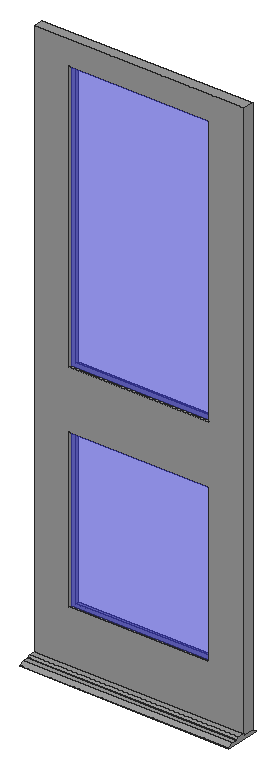
Revit family "WSD-500 DOOR-1-SF_v04", category Curtain Panels, Revit 2015
Parameters
  Width [instance] = 3' - 2"
  URL = "obe.com\r\nobe.com"
  Rough Width [instance] = 3' - 0"
  Offset [instance] = 0' - 0"
  Model = "WSD-500 DOOR"
  Min-Max Rough Width [instance] = if(and((Rough Width > 2' 11 255/256"), (Rough Width < 3' 6 1/256")), Rough Width, 3' 0")  # 3' - 0"
  Manufacturer = "Oldcastle BuildingEnvelope®"
  Keynote = "08 11 00"
  Hinge [instance] = yes
  Height [instance] = 8' - 0"
  Pushbar Height [instance] = 3' - 5 1/4"  # constant formula
  Glass Material = Glass
  Frame Material = Aluminum
  Door Panel Height [instance] = Height + 0' 0 1/2"  # 8' - 0 1/2"
  Description = "WSD-500 - 1\" Door Infill"
  Assembly Code = "B2030\r\n"
  Analytic Construction = "<None>"
  8 Muntin [instance] = not([6.5 Muntin])  # yes
  6.5 Muntin [instance] = no
Reference planes (in)
  plane 1 "Front": y = 0
  plane 2: z = 0
  plane 3 "Center (Left/Right)": x = 0
  plane 4 "Left": x = -19
  plane 5 "Right": x = 19
  plane 6 "Top": z = 96
  plane 7: x = 18
  plane 8: x = -18
Text (in)
  text "Exterior" at (-54.29358, 31.38743, 0), in view "Ref. Level"
  text "Exterior" at (480, 41.53993, 89.60405), in view "Right"
  text "Exterior" at (-240, 57.82419, 105.78864), in view "Left"
Dimensions and locks (in)
  equal spacing: plane 4 "Left", plane 3 "Center (Left/Right)", plane 5 "Right"
  "Width": plane 4 "Left" to plane 5 "Right"
  "Height": plane 6 "Top" to plane 2
  equal spacing: plane 8, plane 3 "Center (Left/Right)", plane 7
  "Min-Max Rough Width": plane 8 to plane 7
  aligned and locked: level to plane 2
  aligned and locked: plane 3 "Center (Left/Right)" to nested 1
  aligned and locked: plane 1 "Front" to nested 1
Nested families (in)
  nested 1: "WSD-500 DOOR-1-Panel_v03" at (0, -18.5, 0), Frame Material <- "Frame Material", Glass Material <- "Glass Material", 8 Muntin <- "8 Muntin", Hinge <- "Hinge", 6.5 Muntin <- "6.5 Muntin", Width <- "Min-Max Rough Width", Height <- "Door Panel Height", Offset <- "Offset", type "WSD-500 DOOR-1-Panel"
    with built-in parameter 1001301 3' - 0", Pushbar Height 3' - 5 1/4", Offset 0' - 0", Hinge yes, built-in parameter 1001300 8' - 0 1/2", Glass at Muntin 0' - 8 7/16", Glass Material Glass, Frame Material Aluminum, 8 Muntin yes, 6.5 Muntin no
Definition of nested family "WSD-500 DOOR-1-Panel_v03"
  Parameters (values of type "WSD-500 DOOR-1-Panel")
    Width [instance] = 3' - 0"
    Pushbar Height [instance] = 3' - 5 1/4"  # constant formula
    Offset [instance] = 0' - 1"
    Hinge [instance] = yes
    Height [instance] = 8' - 0"
    Glass at Muntin [instance] = if([6.5 Muntin], 0' 6 15/16", 0' 8 7/16")  # 0' - 6 15/16"
    Glass Material [instance] = none
    Frame Material [instance] = none
    Analytic Construction = "<None>"
    8 Muntin [instance] = not([6.5 Muntin])  # no
    6.5 Muntin [instance] = yes
  Reference planes (in)
    plane 1 "00": y = 16.54297
    plane 2: z = 0
    plane 3 "Center (Left/Right)": x = 0
    plane 4: z = 96
    plane 5: x = -18
    plane 6: x = 18
    plane 7 "Center (Front/Back)": y = 18.5
    plane 8 "Exterior": y = 16.82422
    plane 9: z = 48
    plane 10: z = 92.96875
    plane 11: z = 92.281
    plane 12: z = 8.90625
    plane 13: z = 37.78125
    plane 14: z = 44.71875
    plane 15: x = -12.781
    plane 16: x = 12.52845
    plane 17 "Offset": y = 17.5
    plane 18: z = 41.25
  Forms (in)
    Sweep 1, solid, material <- "Frame Material"
      path origin (0, 16.54297, 0) x (1, 0, 0) y (0, 0, 1)
        loop
          line (-17.891, 96) -> (17.63845, 96)
      profile origin (-0.12627, 16.54297, 96) x (0, 0, 1) y (0, -1, 0)
        loop
          line (-4.50328, -0.957) -> (-0.50328, -0.957) -> (-0.50328, 0.793) -> (-4.50328, 0.793) -> (-4.50328, 0.5) -> (-3.719, 0.5) -> (-3.719, -0.5) -> (-4.50328, -0.5) -> (-4.50328, -0.957)
    Sweep 2, solid, material <- "Frame Material"
      path origin (0, 16.54297, 0) x (1, 0, 0) y (0, 0, 1)
        loop
          line (17.63845, 0) -> (-17.891, 0)
      profile origin (-0.12627, 16.54297, 0) x (0, 0, -1) y (0, -1, 0)
        loop
          line (-9.6875, -0.957) -> (-0.6875, -0.957) -> (-0.6875, 0.793) -> (-9.6875, 0.793) -> (-9.6875, 0.5) -> (-8.9065, 0.5) -> (-8.9065, -0.5) -> (-9.6875, -0.5) -> (-9.6875, -0.957)
        loop
          line (-0.125, -1.707) -> (0, -1.707) -> (0, 3.918) -> (-0.125, 3.918) -> (-0.5, 3.168) -> (-0.5, 2.3005) -> (-0.562, 2.3005) -> (-0.844, 1.8115) -> (-0.844, 0.8165) -> (-0.5, 0.8165) -> (-0.5, -0.957) -> (-0.125, -1.707)
    Sweep 3, solid, material <- "Frame Material"
      path origin (0, 16.54297, 0) x (1, 0, 0) y (0, 0, 1)
        loop
          line (18, 95.49672) -> (18, 0.6875)
      profile origin (18, 16.54297, 48.09211) x (0, -1, 0) y (1, 0, 0)
        loop
          line (-0.957, -6.25255) -> (-0.5, -6.25255) -> (-0.5, -5.47155) -> (0.5, -5.47155) -> (0.5, -6.25255) -> (0.793, -6.25255) -> (0.793, -0.36155) -> (-0.957, -0.25255) -> (-0.957, -6.25255)
    Sweep 4, solid, material <- "Frame Material"
      path origin (0, 16.54297, 0) x (1, 0, 0) y (0, 0, 1)
        loop
          line (-18, 95.49672) -> (-18, 0.6875)
      profile origin (-18, 16.54297, 48.09211) x (0, -1, 0) y (1, 0, 0)
        loop
          line (-0.957, 0) -> (0.793, 0.109) -> (0.793, 6) -> (0.5, 6) -> (0.5, 5.219) -> (-0.5, 5.219) -> (-0.5, 6) -> (-0.957, 6) -> (-0.957, 0)
    Sweep 5, solid, material <- "Frame Material"
      path origin (0, 16.54297, 0) x (1, 0, 0) y (0, 0, 1)
        loop
          line (17.63845, 48) -> (-17.891, 48)
      profile origin (-0.12627, 16.54297, 48) x (0, 0, -1) y (0, -1, 0)
        loop
          line (11.00025, -0.957) -> (11.00025, -0.5) -> (10.21875, -0.5) -> (10.21875, 0.5) -> (11.00025, 0.5) -> (11.00025, 0.793) -> (2.50025, 0.793) -> (2.50025, 0.5) -> (3.28125, 0.5) -> (3.28125, -0.50555) -> (2.50025, -0.50555) -> (2.50025, -0.957) -> (11.00025, -0.957)
    Extrusion 6, solid, material <- "Glass Material", detail levels coarse
      sketch origin (0, 0, 0) x (1, 0, 0) y (0, 1, 0)
        loop
          line (-12.781, 17.04297) -> (-12.781, 16.04297) -> (12.52845, 16.04297) -> (12.52845, 17.04297) -> (-12.781, 17.04297)
      from 44.71875 to 92.281
    Extrusion 7, solid, material <- "Glass Material", detail levels medium+fine
      sketch origin (0, 0, 0) x (1, 0, 0) y (0, 1, 0)
        loop
          line (12.52845, 17.04297) -> (-12.781, 17.04297) -> (-12.781, 16.84297) -> (12.52845, 16.84297) -> (12.52845, 17.04297)
        loop
          line (-12.781, 16.47297) -> (-12.781, 16.27297) -> (12.52845, 16.27297) -> (12.52845, 16.47297) -> (-12.781, 16.47297)
        loop
          line (12.52845, 16.24297) -> (-12.781, 16.24297) -> (-12.781, 16.04297) -> (12.52845, 16.04297) -> (12.52845, 16.24297)
      from 44.71875 to 92.281
    Extrusion 8, solid, material <- "Glass Material", detail levels coarse
      sketch origin (0, 0, 0) x (1, 0, 0) y (0, 1, 0)
        loop
          line (-12.781, 17.04297) -> (-12.781, 16.04297) -> (12.52845, 16.04297) -> (12.52845, 17.04297) -> (-12.781, 17.04297)
      from 8.90625 to 37.78125
    Extrusion 9, solid, material <- "Glass Material", detail levels medium+fine
      sketch origin (0, 0, 0) x (1, 0, 0) y (0, 1, 0)
        loop
          line (12.52845, 17.04297) -> (-12.781, 17.04297) -> (-12.781, 16.84297) -> (12.52845, 16.84297) -> (12.52845, 17.04297)
        loop
          line (-12.781, 16.47297) -> (-12.781, 16.27297) -> (12.52845, 16.27297) -> (12.52845, 16.47297) -> (-12.781, 16.47297)
        loop
          line (12.52845, 16.24297) -> (-12.781, 16.24297) -> (-12.781, 16.04297) -> (12.52845, 16.04297) -> (12.52845, 16.24297)
      from 8.90625 to 37.78125
  Cuts and joins
    joined: Sweep 1, Sweep 2, Sweep 3, Sweep 4, Sweep 5
  Lines and regions (in)
    model lines
      curve 1: line (12.11845, 16.82422, 91.871) -> (-12.371, 16.82422, 48)
      curve 2: line (-12.371, 16.82422, 48) -> (12.11845, 16.82422, 9.4375)
  Dimensions and locks (in)
    equal spacing: level, plane 9, plane 4
    locked: Sweep 3 sketch curve to plane 4 at 0.50328
    locked: Sweep 4 sketch curve to plane 4 at 0.50328
    locked: plane 4 to plane 10 at 3.03125
    "Glass at Muntin": plane 13 to plane 14
    locked: plane 11 to plane 4 at 3.719
    plane 12 to plane 2 = 0' - 8 29/32"
    "Height": plane 4 to plane 2
    locked: plane 5 to plane 15 at 5.219
    locked: plane 16 to plane 6 at 5.47155
    locked: plane 6 to Sweep 2 sketch curve at 0.36155
    equal spacing: plane 5, plane 3 "Center (Left/Right)", plane 6
    "Width": plane 5 to plane 6
    locked: plane 6 to Sweep 5 sketch curve at 0.36155
    locked: plane 6 to Sweep 1 sketch curve at 0.36155
    locked: plane 14 to Sweep 5 sketch curve at 0.781  (x2)
    locked: Sweep 5 sketch curve to plane 13 at 0.7815
    locked: plane 13 to Sweep 5 sketch curve at 0.7815
    plane 1 "00" to plane 8 "Exterior" to plane 17 "Offset" = 0' - 0 9/32" locked, 0' - 0 173/256" locked
    "Offset": plane 17 "Offset" to plane 7 "Center (Front/Back)"
    locked: Sweep 2 sketch curve to plane 5 at 0.109
    locked: Sweep 5 sketch curve to plane 5 at 0.109
    locked: Sweep 1 sketch curve to plane 5 at 0.109
    equal spacing: plane 13, plane 18, plane 14
    "Pushbar Height": plane 2 to plane 18
    Extrusion 7 sketch curve to Extrusion 7 sketch curve to Extrusion 7 sketch curve to Extrusion 7 sketch curve to Extrusion 7 sketch curve to Extrusion 7 sketch curve to plane 17 "Offset" = 0' - 0.2" locked, 0' - 0.03" locked, 0' - 0.2" locked, 0' - 0.37" locked, 0' - 0.2" locked, 0' - 0 117/256" locked
    Extrusion 6 sketch curve to Extrusion 6 sketch curve to plane 17 "Offset" = 0' - 1" locked, 0' - 0 117/256" locked
    Extrusion 9 sketch curve to Extrusion 9 sketch curve to Extrusion 9 sketch curve to Extrusion 9 sketch curve to Extrusion 9 sketch curve to Extrusion 9 sketch curve to plane 17 "Offset" = 0' - 0.2" locked, 0' - 0.03" locked, 0' - 0.2" locked, 0' - 0.37" locked, 0' - 0.2" locked, 0' - 0 117/256" locked
    Extrusion 8 sketch curve to Extrusion 8 sketch curve to plane 17 "Offset" = 0' - 1" locked, 0' - 0 117/256" locked
    locked: plane 2 to Sweep 3 sketch curve at 0.6875
    locked: plane 2 to Sweep 4 sketch curve at 0.6875
    aligned and locked: plane 2 to level
    aligned and locked: Sweep 1 sketch curve to plane 4
    aligned and locked: Sweep 2 sketch curve to level
    aligned and locked: Sweep 5 sketch curve to plane 9
    aligned and locked: Extrusion 7 to plane 11
    aligned and locked: Extrusion 6 to plane 11
    aligned and locked: plane 14 to Extrusion 7
    aligned and locked: plane 14 to Extrusion 6
    aligned and locked: Extrusion 8 to plane 13
    aligned and locked: Extrusion 9 to plane 13
    aligned and locked: plane 12 to Extrusion 9
    aligned and locked: plane 12 to Extrusion 8
    aligned and locked: Sweep 3 sketch curve to plane 6
    aligned and locked: Sweep 4 sketch curve to plane 5
    aligned and locked: plane 16 to Extrusion 6 sketch curve
    aligned and locked: Extrusion 6 sketch curve to plane 15
    aligned and locked: Extrusion 8 sketch curve to plane 15
    aligned and locked: plane 16 to Extrusion 8 sketch curve
    aligned and locked: plane 16 to Extrusion 9  (x3)
    aligned and locked: Extrusion 9 to plane 15  (x2)
    aligned and locked: plane 16 to Extrusion 7 sketch curve  (x2)
    aligned and locked: Extrusion 7 sketch curve to plane 16
    aligned and locked: Extrusion 7 sketch curve to plane 15  (x2)
    aligned and locked: plane 15 to Extrusion 7 sketch curve
    aligned and locked: plane 16 to Extrusion 9 sketch curve  (x2)
    aligned and locked: Extrusion 9 sketch curve to plane 16
    aligned and locked: Extrusion 9 sketch curve to plane 15  (x2)
    aligned and locked: plane 15 to Extrusion 9 sketch curve
  Automatic sketch dimensions
    curve 2 to plane 9 = 0' - 0"
    curve 2 to plane 16 = 0' - 0.41"
    curve 1 to plane 16 = 0' - 0.41"
    curve 2 to plane 12 = 0' - 0 17/32"
    plane 11 to curve 1 = 0' - 0.41"
    plane 15 to curve 2 = 0' - 0.41"
    Sweep 1 sketch curve to plane 1 "00" = 0' - 0.957"
    profile plane to Sweep 1 sketch curve = 0' - 4.50328"
    Sweep 1 sketch curve to Sweep 1 sketch curve = 0' - 0"
    Sweep 1 sketch curve to Sweep 1 sketch curve = 0' - 0.78428"
    profile plane to Sweep 1 sketch curve = 0' - 0.50328"
    Sweep 1 sketch curve to Sweep 1 sketch curve = 0' - 0.457"
    plane 1 "00" to Sweep 1 sketch curve = 0' - 0 1/2"
    Sweep 1 sketch curve to Sweep 1 sketch curve = 0' - 0.293"
    Sweep 5 sketch curve to Sweep 5 sketch curve = 0' - 0.781"
    Sweep 5 sketch curve to Sweep 5 sketch curve = 0' - 0.7815"
    Sweep 5 sketch curve to plane 1 "00" = 0' - 0.957"
    Sweep 5 sketch curve to plane 1 "00" = 0' - 0.50555"
    Sweep 5 sketch curve to plane 1 "00" = 0' - 0 1/2"
    plane 1 "00" to Sweep 5 sketch curve = 0' - 0 1/2"  (x2)
    Sweep 5 sketch curve to Sweep 5 sketch curve = 0' - 0.293"
    Sweep 2 sketch curve to profile plane = 0' - 0"
    Sweep 2 sketch curve to Sweep 2 sketch curve = 0' - 0.282"
    plane 1 "00" to Sweep 2 sketch curve = 0' - 0 1/2"
    Sweep 2 sketch curve to Sweep 2 sketch curve = 0' - 8.8435"
    Sweep 2 sketch curve to Sweep 2 sketch curve = 0' - 0"  (x2)
    Sweep 2 sketch curve to Sweep 2 sketch curve = 0' - 1.0185"
    Sweep 2 sketch curve to Sweep 2 sketch curve = 0' - 0.489"
    profile plane to Sweep 2 sketch curve = 0' - 0 1/8"  (x2)
    profile plane to Sweep 2 sketch curve = 0' - 0 1/2"
    Sweep 2 sketch curve to Sweep 2 sketch curve = 0' - 0.062"
    Sweep 2 sketch curve to Sweep 2 sketch curve = 0' - 0.781"
    Sweep 2 sketch curve to plane 1 "00" = 0' - 0 1/2"
    Sweep 2 sketch curve to Sweep 2 sketch curve = 0' - 0 3/4"  (x2)
    Sweep 2 sketch curve to Sweep 2 sketch curve = 0' - 0.457"
    Sweep 2 sketch curve to Sweep 2 sketch curve = 0' - 0.8675"
    Sweep 2 sketch curve to Sweep 2 sketch curve = 0' - 0.293"
    Sweep 4 sketch curve to profile plane = 0' - 0"
    Sweep 4 sketch curve to plane 1 "00" = 0' - 0.957"
    Sweep 4 sketch curve to Sweep 4 sketch curve = 0' - 0.457"
    plane 1 "00" to Sweep 4 sketch curve = 0' - 0 1/2"
    Sweep 4 sketch curve to Sweep 4 sketch curve = 0' - 0.293"
    Sweep 4 sketch curve to profile plane = 0' - 0.109"
    Sweep 4 sketch curve to Sweep 4 sketch curve = 0' - 5.11"
    Sweep 4 sketch curve to Sweep 4 sketch curve = 0' - 0.781"  (x2)
    profile plane to Sweep 3 sketch curve = 0' - 0.25255"
    Sweep 3 sketch curve to plane 1 "00" = 0' - 0.957"
    Sweep 3 sketch curve to Sweep 3 sketch curve = 0' - 0.457"
    plane 1 "00" to Sweep 3 sketch curve = 0' - 0 1/2"
    Sweep 3 sketch curve to Sweep 3 sketch curve = 0' - 0.293"
    profile plane to Sweep 3 sketch curve = 0' - 0.36155"
    Sweep 3 sketch curve to Sweep 3 sketch curve = 0' - 5.11"
    Sweep 3 sketch curve to Sweep 3 sketch curve = 0' - 0.781"  (x2)
    Sweep 2 sketch curve to Sweep 2 sketch curve = 0' - 0.1565"
    Sweep 2 sketch curve to Sweep 2 sketch curve = 0' - 0 3/16"
    Sweep 2 sketch curve to Sweep 2 sketch curve = 0' - 0.0235"
